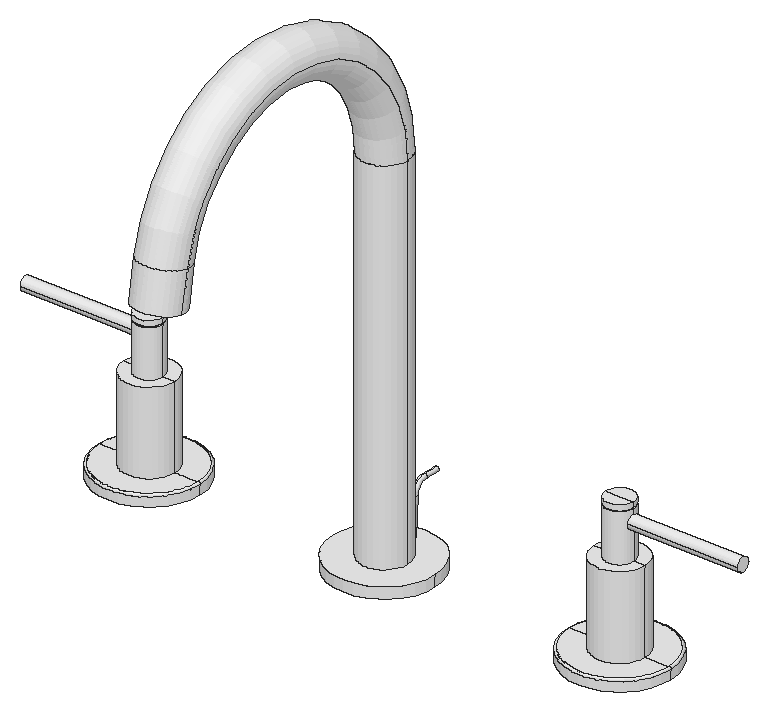
Revit family "Faucet-Lavatory-Grohe-Atrio-18027_Series", category Plumbing Fixtures, Revit 2014
Parameters (values of type "18026003")
  cUPC Compliant = yes
  Waste Connection = no
  Warranty Documentation Link = "https://cdn.cloud.grohe.com/tpi/1000/1900/1940/1949/1949006/original/1949006.pdf"
  WFU = 2  # constant formula
  Vent Connection = no
  URL = "http://www.grohe.com"
  Product Page URL = "https://www.grohe.us/en_us/atrio-cross-handles-18026003.html"
  Price = "Prices may vary. Please consult Manufacturer Representative for most up-to-date price list."  # constant formula
  Model = "18026003"
  Material = "Metal-Grohe-003-Chrome"
  Manufacturer = "Grohe"
  Length = 6"
  Installation Type = "Deck-Mounted"
  Hot Water Connection Diameter = 3/8"
  Height = 11 3/8"
  Handle Distance [instance] = 10"
  HWFU = 1.5  # constant formula
  HW Connection = yes
  Flow Rate = ""
  Finish = Metal-Grohe-003-Chrome
  Description = "Atrio Three-hole basin mixer 1/2\" M-Size"
  Default Elevation = 0"
  Creation Date = "11/05/2018"  # constant formula
  Cold Water Connection Diameter = 3/8"
  CalGreen Compliant = yes
  CWFU = 1.5  # constant formula
  CW Connection = yes
  Assembly Code = "D2020300"
Types (3): name | Product Page URL | Model | Material | Finish
  (no name) | "https://www.grohe.us/en_us/atrio-cross-handles-18026003.html" | "18026003" | "Metal-Grohe-003-Chrome" | Metal-Grohe-003-Chrome
  18026003 | "https://www.grohe.us/en_us/atrio-cross-handles-18026003.html" | "18026003" | "Metal-Grohe-003-Chrome" | Metal-Grohe-003-Chrome
  18026EN3 | "https://www.grohe.us/en_us/atrio-cross-handles-18026EN3.html" | "18026EN3" | "Metal-Grohe-EN3-Brushed Nickel" | Metal-Grohe-EN3-Brushed Nickel
Reference planes (in)
  plane 1 "Center (Front/Back)": y = 0
  plane 2: z = 0
  plane 3 "Center (Left/Right)": x = 0
  plane 4: x = 1.09375
  plane 5: x = -1.09375
  plane 6: y = -6
  plane 7: z = 4.125
  plane 8: z = 1.75
  plane 9: x = -0.81909
  plane 10: x = 0.81909
  plane 11: y = -5.77806
  plane 12: z = 2.8485
  plane 13: z = 7.625
  plane 14: through (0, -6, 7.625) normal (0, -0.9848, 0.1736)
  plane 15: z = 11.375
  plane 16: z = 10.875
  plane 17: x = -7.625
  plane 18: x = 7.625
  plane 19: x = -5
  plane 20: x = 5
Forms (in)
  Revolve 1, solid, material "Metal-Grohe-003-Chrome" <- "Finish"
    sketch origin (0, 0, 0) x (1, 0, 0) y (0, 0, 1)
      loop
        line (-5, 0) -> (-3.91764, 0) -> (-3.91764, 0.19551)
        arc (-3.91764, 0.19551) -> (-3.92956, 0.2243) -> (-3.95835, 0.23622) r 0.04071
        line (-3.95835, 0.23622) -> (-4.45463, 0.23622) -> (-4.45463, 1.97644) -> (-4.70463, 1.97644) -> (-4.70463, 2.97125) -> (-4.73686, 2.97125) -> (-4.73686, 3.00425) -> (-4.70463, 3.00425) -> (-4.70463, 3.10594) -> (-5, 3.10594) -> (-5, 0)
      axis (-5, 3.10594) -> (-5, 0)
    angle from 0 to 360
  Revolve 2, solid, material "Metal-Grohe-003-Chrome" <- "Finish"
    sketch origin (0, 0, 0) x (-1, 0, 0) y (0, 0, 1)
      loop
        line (-5, 0) -> (-5, 3.10594) -> (-5.29537, 3.10594) -> (-5.29537, 3.00425) -> (-5.26314, 3.00425) -> (-5.26314, 2.97125) -> (-5.29537, 2.97125) -> (-5.29537, 1.97644) -> (-5.54537, 1.97644) -> (-5.54537, 0.23622) -> (-6.05304, 0.23622)
        arc (-6.05304, 0.23622) -> (-6.08182, 0.2243) -> (-6.09375, 0.19551) r 0.04071
        line (-6.09375, 0.19551) -> (-6.09375, 0) -> (-5, 0)
      axis (-5, 3.10594) -> (-5, 0)
    angle from 0 to 360
  Sweep 3, solid, material "Metal-Grohe-003-Chrome" <- "Finish"
    path origin (0, 0, 0) x (0, 1, 0) y (0, 0, 1)
      loop
        line (-6, 7.625) -> (-5.85689, 8.43663)
        arc (-5.85689, 8.43663) -> (-2.69367, 10.86385) -> (0, 7.92422) r 2.95086
        line (0, 7.92422) -> (0, 0.23622)
    profile origin (0, 0, 4.08022) x (1, 0, 0) y (0, 1, 0)
      loop
        circle (0, 0) r 0.5
  Extrusion 4, solid, material "Metal-Grohe-003-Chrome" <- "Finish"
    sketch origin (0, 0, 0) x (0, 1, 0) y (0, 0, 1)
      loop
        circle (0, 2.73094) r 0.13992
    from -7.625 to -5
  Extrusion 5, solid, material "Metal-Grohe-003-Chrome" <- "Finish"
    sketch origin (0, 0, 0) x (0, 1, 0) y (0, 0, -1)
      loop
        circle (0, -2.73094) r 0.13992
    from -7.625 to -5
  Extrusion 6, solid, material "Metal-Grohe-003-Chrome" <- "Finish"
    sketch origin (0, 0, 0) x (1, 0, 0) y (0, 1, 0)
      loop
        circle (0, 0) r 1.08278
    from 0 to 0.23622
  Sweep 7, solid, material "Metal-Grohe-003-Chrome" <- "Finish"
    path origin (0, 0, 0) x (0, 1, 0) y (0, 0, 1)
      loop
        line (0.76813, 0.05497) -> (0.8193, 1.03139)
        arc (0.8193, 1.03139) -> (0.89687, 1.19965) -> (1.06896, 1.2683) r 0.25
        line (1.06896, 1.2683) -> (1.38417, 1.2683)
    profile origin (0, 0.79372, 0.54318) x (0, -0.99863, 0.052336) y (1, 0, 0)
      loop
        circle (0, 0) r 0.04489
Cuts and joins
  joined: Revolve 1, Revolve 2, Sweep 3, Extrusion 4, Extrusion 5, Extrusion 6, Sweep 7
Lines and regions (in)
  Masking region 1
    outline origin (0, 0, 0) x (1, 0, 0) y (0, 1, 0)
      loop
        arc (0.5, -0.96042) -> (1.05685, 0.23552) -> (0.04489, 1.08185) r 1.08278
        line (0.04489, 1.08185) -> (0.04489, 1.38417) -> (-0.04489, 1.38417) -> (-0.04489, 1.08185)
        arc (-0.04489, 1.08185) -> (-1.05685, 0.23552) -> (-0.5, -0.96042) r 1.08278
        line (-0.5, -0.96042) -> (-0.5, -6)
        arc (-0.5, -6) -> (0, -6.5) -> (0.5, -6) r 0.5
        line (0.5, -6) -> (0.5, -0.96042)
      loop
        arc (-6.07319, -0.14063) -> (-3.91764, 0) -> (-6.07319, 0.14062) r 1.08236
        line (-6.07319, 0.14062) -> (-7.625, 0.14062) -> (-7.625, -0.14063) -> (-6.07319, -0.14063)
      loop
        line (7.625, 0.14062) -> (6.07319, 0.14062)
        arc (6.07319, 0.14062) -> (3.91764, 0) -> (6.07319, -0.14062) r 1.08236
        line (6.07319, -0.14062) -> (7.625, -0.14062) -> (7.625, 0.14062)
  symbolic lines, detail levels medium+fine
    curve 1: line (-6.07319, 0.14062, 0) -> (-5.52693, 0.14062, 0)
    curve 2: line (-6.07319, -0.14063, 0) -> (-5.52693, -0.14063, 0)
    curve 3: arc (-5.52693, -0.14063, 0) -> (-4.45463, 0, 0) -> (-5.52693, 0.14063, 0) r 0.54537
    curve 4: line (6.07319, 0.14062, 0) -> (5.52693, 0.14062, 0)
    curve 5: line (6.07319, -0.14063, 0) -> (5.52693, -0.14063, 0)
    curve 6: arc (5.52693, -0.14063, 0) -> (4.45463, 0, 0) -> (5.52693, 0.14062, 0) r 0.54537
  symbolic lines, detail levels fine
    curve 7: arc (0.5, 0, 0) -> (0, 0.5, 0) -> (-0.5, 0, 0) r 0.5
    curve 8: line (-0.5, 0, 0) -> (-0.5, -0.96042, 0)
    curve 9: line (0.5, -0.96042, 0) -> (0.5, 0, 0)
    curve 10: circle (-5, 0, 0) r 0.29537 normal (0, 0, 1)
    curve 11: circle (5, 0, 0) r 0.29537 normal (0, 0, 1)
    curve 12: line (5.52693, 0.14062, 0) -> (5.25975, 0.14062, 0)
    curve 13: line (5.52693, -0.14063, 0) -> (5.25975, -0.14063, 0)
    curve 14: line (-5.52693, -0.14063, 0) -> (-5.25975, -0.14063, 0)
    curve 15: line (-5.52693, 0.14062, 0) -> (-5.25975, 0.14062, 0)
    curve 16: line (-0.04489, 1.08185, 0) -> (-0.04489, 0.77684, 0)
    curve 17: arc (-0.04489, 0.77684, 0) -> (0, 0.73195, 0) -> (0.04489, 0.77684, 0) r 0.04489
    curve 18: line (0.04489, 0.77684, 0) -> (0.04489, 1.08185, 0)
Dimensions and locks (in)
  plane 7 to plane 2 = 4 1/8"
  plane 5 to plane 4 = 2 3/16"
  plane 7 to level = 4 1/8"
  plane 1 "Center (Front/Back)" to plane 6 = 6"
  plane 13 to level = 7 5/8"
  plane 15 to level = 11 3/8"
  equal spacing: plane 19, plane 3 "Center (Left/Right)", plane 20
  "Handle Distance": plane 19 to plane 20
  locked: plane 17 to plane 19 at 2.625
  locked: plane 20 to plane 18 at 2.625
  angle plane 6 to plane 14 = 10.00°
  aligned and locked: Masking region 1 to Extrusion 4
  aligned and locked: Masking region 1 to cut or joined group of Revolve 1, Revolve 2, Sweep 3, Extrusion 4, Extrusion 5, Extrusion 6, Sweep 7
  aligned and locked: cut or joined group of Revolve 1, Revolve 2, Sweep 3, Extrusion 4, Extrusion 5, Extrusion 6, Sweep 7 to plane 18
  aligned and locked: plane 17 to cut or joined group of Revolve 1, Revolve 2, Sweep 3, Extrusion 4, Extrusion 5, Extrusion 6, Sweep 7
  aligned and locked: cut or joined group of Revolve 1, Revolve 2, Sweep 3, Extrusion 4, Extrusion 5, Extrusion 6, Sweep 7 to plane 17  (x2)
  aligned and locked: Extrusion 5 to plane 20
  aligned and locked: Extrusion 4 to plane 19
Automatic sketch dimensions
  curve 3 to curve 10 = 0"  (x2)
  curve 6 to curve 11 = 0"  (x2)
  plane 1 "Center (Front/Back)" to curve 10 = 0"
  curve 10 to plane 19 = 0"
  plane 1 "Center (Front/Back)" to curve 7 = 0"
  curve 17 to plane 3 "Center (Left/Right)" = 0"
  curve 7 to plane 3 "Center (Left/Right)" = 0"
  plane 1 "Center (Front/Back)" to curve 11 = 0"
  curve 11 to plane 20 = 0"
  plane 1 "Center (Front/Back)" to curve 14 = 9/64"
  plane 19 to curve 14 = 0.52693"
  curve 15 to plane 1 "Center (Front/Back)" = 9/64"
  plane 9 to curve 8 = 0.31909"
  curve 16 to plane 3 "Center (Left/Right)" = 0.04489"
  plane 1 "Center (Front/Back)" to curve 13 = 9/64"
  plane 20 to curve 13 = 0.52693"
  curve 4 to plane 1 "Center (Front/Back)" = 9/64"
  curve 16 to plane 1 "Center (Front/Back)" = 0.77684"
  plane 19 to curve 15 = 0.25975"
  curve 1 to curve 3 = 0.54626"
  curve 2 to curve 1 = 0"
  plane 20 to curve 12 = 0.25975"
  curve 6 to curve 4 = 0.54626"
  curve 5 to curve 4 = 0"
  plane 1 "Center (Front/Back)" to curve 9 = 0.96042"
  plane 1 "Center (Front/Back)" to curve 8 = 0.96042"
  curve 17 to curve 18 = 0.30501"
  curve 16 to curve 18 = 0"
  plane 19 to Revolve 1 sketch curve = 0"  (x2)
  Revolve 1 sketch curve to level = 0"
  Revolve 1 sketch curve to plane 12 = 0.12275"
  Revolve 1 sketch curve to plane 19 = 0.26314"
  Revolve 1 sketch curve to Revolve 1 sketch curve = 0.03224"  (x2)
  Revolve 1 sketch curve to Revolve 1 sketch curve = 1/4"
  level to Revolve 1 sketch curve = 0.23622"
  Revolve 1 sketch curve to Revolve 1 sketch curve = 0.49628"
  Revolve 1 sketch curve to Revolve 1 sketch curve = 0.04071"
  Revolve 1 sketch curve to plane 8 = 0.22644"
  Revolve 1 sketch curve to Revolve 1 sketch curve = 0.033"
  Revolve 1 sketch curve to Revolve 1 sketch curve = 0.10169"
  Revolve 1 sketch curve to Revolve 1 sketch curve = 0.33455"
  Revolve 1 sketch curve to Revolve 1 sketch curve = 0.41545"
  Revolve 2 sketch curve to level = 0"
  plane 20 to Revolve 2 sketch curve = 0"  (x2)
  plane 12 to Revolve 2 sketch curve = 0.12275"
  Revolve 2 sketch curve to plane 20 = 0.26314"
  Revolve 2 sketch curve to Revolve 2 sketch curve = 0.03224"  (x2)
  Revolve 2 sketch curve to Revolve 2 sketch curve = 1/4"
  Revolve 2 sketch curve to level = 0.23622"
  Revolve 2 sketch curve to Revolve 2 sketch curve = 0.50766"
  Revolve 2 sketch curve to Revolve 2 sketch curve = 0.04071"
  plane 8 to Revolve 2 sketch curve = 0.22644"
  Revolve 2 sketch curve to Revolve 2 sketch curve = 0.033"
  Revolve 2 sketch curve to Revolve 2 sketch curve = 0.10169"
  level to Revolve 2 sketch curve = 0.33455"
  Revolve 2 sketch curve to Revolve 2 sketch curve = 0.41545"
  Sweep 3 sketch curve to plane 6 = 0"
  Sweep 3 sketch curve to plane 14 = 0"
  Sweep 3 sketch curve to plane 1 "Center (Front/Back)" = 0"
  Sweep 3 sketch curve to plane 13 = 0"
  Sweep 3 sketch curve to plane 11 = 0.07883"
  plane 13 to Sweep 3 sketch curve = 0.29922"
  level to Sweep 3 sketch curve = 0.23622"
  Sweep 3 sketch curve to plane 3 "Center (Left/Right)" = 0"
  profile plane to Sweep 3 sketch curve = 0"
  Extrusion 4 sketch curve to plane 1 "Center (Front/Back)" = 0"
  plane 12 to Extrusion 4 sketch curve = 0.11756"
  Extrusion 5 sketch curve to plane 1 "Center (Front/Back)" = 0"
  plane 12 to Extrusion 5 sketch curve = 0.11756"
  plane 1 "Center (Front/Back)" to Extrusion 6 sketch curve = 0"
  Extrusion 6 sketch curve to plane 3 "Center (Left/Right)" = 0"
  Sweep 7 sketch curve to plane 1 "Center (Front/Back)" = 0.8193"
  Sweep 7 sketch curve to Sweep 7 sketch curve = 0.24966"
  plane 8 to Sweep 7 sketch curve = 0.7317"
  Sweep 7 sketch curve to Sweep 7 sketch curve = 0.01308"
  level to Sweep 7 sketch curve = 0.05497"
  Sweep 7 sketch curve to plane 1 "Center (Front/Back)" = 0.76813"
  Sweep 7 sketch curve to Sweep 7 sketch curve = 0.3152"
  Sweep 7 sketch curve to plane 3 "Center (Left/Right)" = 0"
  Sweep 7 sketch curve to profile plane = 0"
  Masking region 1 sketch curve to Masking region 1 sketch curve = 0"  (x2)
  Masking region 1 sketch curve to plane 17 = 0"
  plane 1 "Center (Front/Back)" to Masking region 1 sketch curve = 0"  (x3)
  Masking region 1 sketch curve to plane 19 = 0"
  plane 6 to Masking region 1 sketch curve = 0"  (x2)
  Masking region 1 sketch curve to plane 3 "Center (Left/Right)" = 0"  (x2)
  Masking region 1 sketch curve to plane 20 = 0"
  plane 18 to Masking region 1 sketch curve = 0"
  plane 1 "Center (Front/Back)" to Masking region 1 sketch curve = 9/64"  (x2)
  plane 19 to Masking region 1 sketch curve = 1.07319"
  Masking region 1 sketch curve to plane 1 "Center (Front/Back)" = 9/64"  (x2)
  plane 9 to Masking region 1 sketch curve = 0.31909"
  Masking region 1 sketch curve to plane 3 "Center (Left/Right)" = 0.04489"
  plane 3 "Center (Left/Right)" to Masking region 1 sketch curve = 0.04489"
  plane 20 to Masking region 1 sketch curve = 1.07319"
  plane 1 "Center (Front/Back)" to Masking region 1 sketch curve = 0.96042"  (x2)
  Masking region 1 sketch curve to Masking region 1 sketch curve = 0.30232"
  radius of Sweep 3 sketch curve = 1/2"
  radius of Extrusion 4 sketch curve = 0.13992"
  radius of Extrusion 5 sketch curve = 0.13992"
  radius of Extrusion 6 sketch curve = 1.08278"
  radius of Sweep 7 sketch curve = 0.04489"
Connectors (in)
  piping at (-5, 0, 0), diameter 0.375, driven by "Cold Water Connection Diameter", driven by "HWFU"
    settings: on cut or joined group of Revolve 1, Revolve 2, Sweep 3, Extrusion 4, Extrusion 5, Extrusion 6, Sweep 7, index 1, connector inside diameter 24", connector length 0", flow factor 0, pipe flow 0 GPM, pressure drop 0.00 psi, fitting loss kfactor 0, connector angle 0.00°, fixture units 1.5, engagement length 0", angle of deflection 0.00°, flow configuration 3, flow direction 1, fitting loss method 0, system type 19, joint type 0, gender type 0, connector reference index -1, connector utility 0, adjustable connector no, is connector primary yes, connector description "3/8\" HW Inlet Connection"
  piping at (5, 0, 0), diameter 0.375, driven by "CWFU", driven by "Cold Water Connection Diameter"
    settings: on cut or joined group of Revolve 1, Revolve 2, Sweep 3, Extrusion 4, Extrusion 5, Extrusion 6, Sweep 7, index 2, connector inside diameter 24", connector length 0", flow factor 0, pipe flow 0 GPM, pressure drop 0.00 psi, fitting loss kfactor 0, connector angle 0.00°, fixture units 1.5, engagement length 0", angle of deflection 0.00°, flow configuration 3, flow direction 1, fitting loss method 0, system type 20, joint type 0, gender type 0, connector reference index -1, connector utility 0, adjustable connector no, is connector primary no, connector description "3/8\" CW Inlet Connection"
